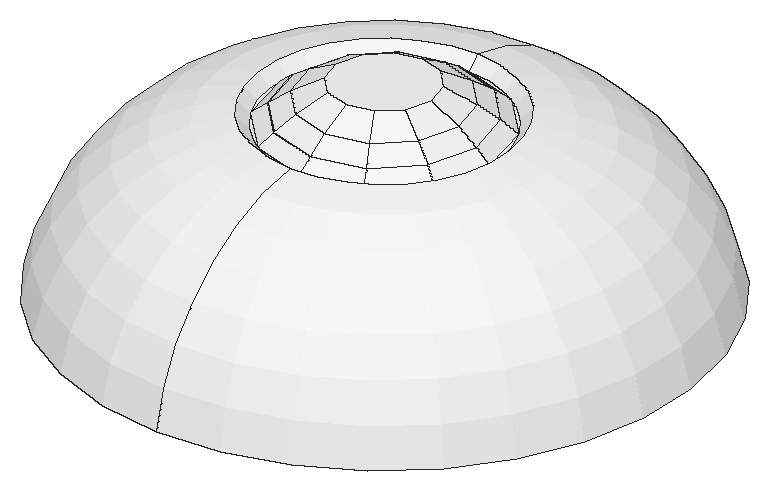
Revit family "OMNIDIA", category Communication Devices, host Face, Revit 2014
Parameters (values of type "OMNIDIA")
  Width = 4.50"
  Warranty = "5-Years Warranty"  # constant formula
  Voltage Rating = "24V"
  Type Comments = "CEILING MOUNT OCCUPANCY SENSORS"  # constant formula
  Product Page URL = "https://www.hubbell.com/hubbellcontrolsolutions/en/Products/Lighting-Controls/Lighting-Controls-Sensors/Occupancy-Vacancy-Sensors/OMNI-OMNIDIA-OMNIDIARP/p/220950"
  Product Documentation Link = "https://hubbellcdn.com/specsheet/1304a_omnidia_cutsheet.pdf"
  URL = "https://www.hubbell.com/hubbellcontrolsolutions/en"
  Mounting Height = "8 - 12 ft"
  Model = "OMNNIDIA"  # constant formula
  Manufacturer = "Hubbell Control Solutions"  # constant formula
  Sensing Element = Paint - Hubbell - Matte White
  Features = "• IntelliDAPT® self-adaptive technology—no manual adjustment required\r\n• All-digital dual technology acoustic and passive infrared (PIR) sensor\r\n• Non-volatile memory for sensor settings\r\n• Low Voltage device: 24VDC\r\n• 450 square-foot coverage\r\n• Optional relay and photocell control\r\n• UL and cUL listed\r\n• 5 year warranty"  # constant formula
  Description = "The OMNIDIA combines passive infrared (PIR) and acoustic (sound-activated) technologies to turn lighting systems on and off based on occupancy. The OMNIDIA features Hubbell Control Solutions' patented IntelliDAPT technology, which makes all the sensor adjustments automatically. Throughout the product's lifespan, smart software analyzes the controlled area and makes digital adjustments to sensitivity and timer settings. Occupancy sensors with IntelliDAPT provide a maintenance-free Install and Forget operation."  # constant formula
  Default Elevation = 48.00"
  Coverage = "450 sq ft"
  Copyright = "Copyright © 2021 Hubbell Control Solutions"  # constant formula
  Contact Us = "https://www.hubbell.com/hubbellcontrolsolutions/en/contactUs?productId=220947"
  Housing Material = Paint - Hubbell - Matte White
  Certifications = "UL and cUL listed"
  Assembly Code = "D5090"
Reference planes (in)
  plane 1 "Center (Front/Back)": y = 10.63342
  plane 2: z = 0
  plane 3 "Center (Left/Right)": x = 0
  plane 4: x = -2.25
  plane 5: x = 2.25
  plane 6: y = 12.88342
  plane 7: y = 8.38342
  plane 8: z = 1.21
  plane 9: z = 1.5
Forms (in)
  Revolve 1, solid, material "Paint - Hubbell - Matte White" <- "Housing Material"
    sketch origin (0, 10.63342, 0) x (0, 1, 0) y (0, 0, 1)
      loop
        line (0, 0) -> (2.26856, 0)
        arc (2.26856, 0) -> (1.81293, 0.86652) -> (0.93063, 1.29079) r 1.55971
        line (0.93063, 1.29079) -> (0.845, 1.20517) -> (0, 1.20517) -> (0, 0)
      axis (0, 1.29079) -> (0, 0)
    angle from 0 to 360
  Blend 2, solid, material "Paint - Hubbell - Matte White" <- "Housing Material"
    base sketch origin (0, 0, 0) x (1, 0, 0) y (0, 1, 0)
      loop
        line (0, 11.47897) -> (-0.42278, 11.36569) -> (-0.73227, 11.05619) -> (-0.84555, 10.63342) -> (-0.73227, 10.21064) -> (-0.42278, 9.90115) -> (0, 9.78787) -> (0.42278, 9.90115) -> (0.73227, 10.21064) -> (0.84555, 10.63342) -> (0.73227, 11.05619) -> (0.42278, 11.36569) -> (0, 11.47897)
    top sketch origin (0, 0, 0) x (1, 0, 0) y (0, 1, 0)
      loop
        line (0, 11.36905) -> (-0.36781, 11.27049) -> (-0.63707, 11.00123) -> (-0.73563, 10.63342) -> (-0.63707, 10.26561) -> (-0.36781, 9.99635) -> (0, 9.89779) -> (0.36781, 9.99635) -> (0.63707, 10.26561) -> (0.73563, 10.63342) -> (0.63707, 11.00123) -> (0.36781, 11.27049) -> (0, 11.36905)
    from 1.20517 to 1.29079
  Blend 3, solid, material "Paint - Hubbell - Matte White" <- "Sensing Element"
    base sketch origin (0, 0, 0) x (1, 0, 0) y (0, 1, 0)
      loop
        line (0, 11.36905) -> (-0.36781, 11.27049) -> (-0.63707, 11.00123) -> (-0.73563, 10.63342) -> (-0.63707, 10.26561) -> (-0.36781, 9.99635) -> (0, 9.89779) -> (0.36781, 9.99635) -> (0.63707, 10.26561) -> (0.73563, 10.63342) -> (0.63707, 11.00123) -> (0.36781, 11.27049) -> (0, 11.36905)
    top sketch origin (0, 0, 0) x (1, 0, 0) y (0, 1, 0)
      loop
        line (0, 11.22465) -> (-0.29562, 11.14544) -> (-0.51202, 10.92904) -> (-0.59124, 10.63342) -> (-0.51202, 10.3378) -> (-0.29562, 10.12139) -> (0, 10.04218) -> (0.29562, 10.12139) -> (0.51202, 10.3378) -> (0.59124, 10.63342) -> (0.51202, 10.92904) -> (0.29562, 11.14544) -> (0, 11.22465)
    from 1.29079 to 1.38718
  Blend 4, solid, material "Paint - Hubbell - Matte White" <- "Sensing Element"
    base sketch origin (0, 0, 0) x (1, 0, 0) y (0, 1, 0)
      loop
        line (0, 11.22465) -> (-0.29562, 11.14544) -> (-0.51202, 10.92904) -> (-0.59124, 10.63342) -> (-0.51202, 10.3378) -> (-0.29562, 10.12139) -> (0, 10.04218) -> (0.29562, 10.12139) -> (0.51202, 10.3378) -> (0.59124, 10.63342) -> (0.51202, 10.92904) -> (0.29562, 11.14544) -> (0, 11.22465)
    top sketch origin (0, 0, 0) x (1, 0, 0) y (0, 1, 0)
      loop
        line (0, 11.00934) -> (-0.18796, 10.95897) -> (-0.32556, 10.82138) -> (-0.37592, 10.63342) -> (-0.32556, 10.44546) -> (-0.18796, 10.30786) -> (0, 10.2575) -> (0.18796, 10.30786) -> (0.32556, 10.44546) -> (0.37592, 10.63342) -> (0.32556, 10.82138) -> (0.18796, 10.95897) -> (0, 11.00934)
    from 1.38718 to 1.5
Cuts and joins
  joined: Revolve 1, Blend 2
  joined: Blend 3, Blend 4
Dimensions and locks (in)
  "Width": plane 4 to plane 5
  "Width": plane 7 to plane 6
  equal spacing: plane 4, plane 3 "Center (Left/Right)", plane 5
  equal spacing: plane 7, plane 1 "Center (Front/Back)", plane 6
  plane 8 to plane 2 = 1.21"
  plane 9 to plane 2 = 1.50"
  aligned and locked: plane 2 to host face
  aligned and locked: level to host face
  aligned and locked: Blend 2 to Revolve 1
Automatic sketch dimensions
  host sketch curve to host sketch curve = 96.00"  (x2)
  plane 1 "Center (Front/Back)" to Blend 2 sketch curve = 0.00"  (x2)
  Blend 2 sketch curve to plane 3 "Center (Left/Right)" = 0.00"  (x2)
  Blend 2 sketch curve to plane 3 "Center (Left/Right)" = 0.36781"  (x2)
  Blend 2 sketch curve to Blend 2 sketch curve = 0.26926"  (x8)
  Blend 2 sketch curve to Blend 2 sketch curve = 0.09856"  (x4)
  plane 3 "Center (Left/Right)" to Blend 2 sketch curve = 0.36781"  (x2)
  plane 1 "Center (Front/Back)" to Blend 2 sketch curve = 0.36781"  (x2)
  Blend 2 sketch curve to plane 1 "Center (Front/Back)" = 0.36781"  (x2)
  Revolve 1 sketch curve to plane 1 "Center (Front/Back)" = 0.00"  (x2)
  Revolve 1 sketch curve to level = 0.00"
  Revolve 1 sketch curve to level = 0.25596"
  Revolve 1 sketch curve to plane 1 "Center (Front/Back)" = 0.73"
  plane 8 to Revolve 1 sketch curve = 0.00483"
  Revolve 1 sketch curve to plane 6 = 0.01856"
  Revolve 1 sketch curve to plane 8 = 0.08079"
  Revolve 1 sketch curve to Revolve 1 sketch curve = 0.08563"
  Revolve 1 sketch curve to Revolve 1 sketch curve = 23.74404"
  Revolve 1 sketch curve to plane 9 = 54.02668"
Connectors (in)
  electrical at (0, 10.63342, 0)
    settings: on cut or joined group of Revolve 1, Blend 2, index 1, voltage 0 V, apparent load 0 VA, apparent load phase1 0 VA, apparent load phase2 0 VA, apparent load phase3 0 VA, power factor 1, load classification "Other", number of poles 1, system type 14, power factor state 1, is connector primary yes, connector utility no, sub classification motor no, connector description "Ceiling Mount Occupancy Sensor"
